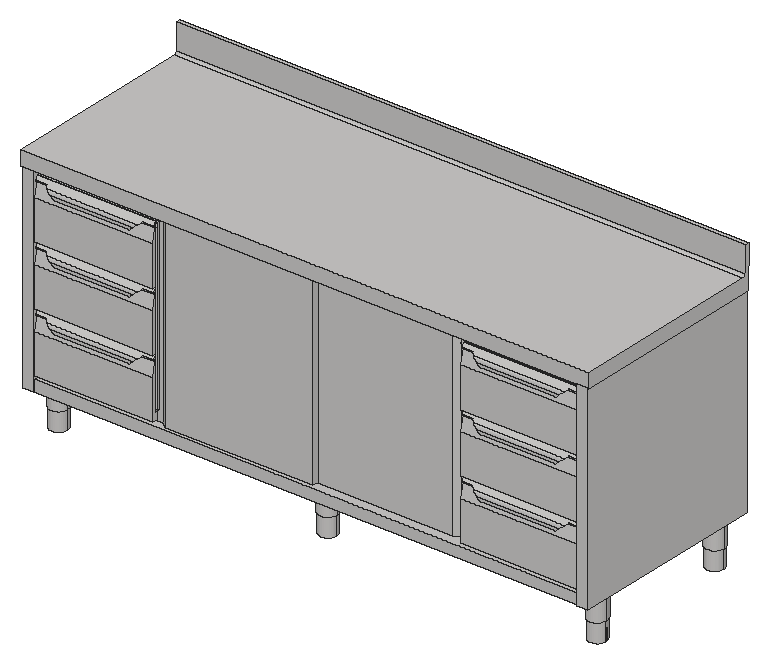
Revit family "QF_ZANUSSI_133173_NTA2010P", category Attrezzature speciali, Revit 2020
Family settings
  Quota connettore circolare = Usa diametro
  Tipo di parte = Normale
  Basato su piano di lavoro = No
  Sempre verticale = Sì
  Taglio con vuoti quando caricato = No
  Condiviso = No
  Punto di calcolo locali = No
Parameters (values of type "Standard")
  Weight = 85.00 kg
  Watts = 0 W
  Volts = 0 V
  URL Manufacturer = "http://www.zanussiprofessional.com"
  URL = "http://www.zanussiprofessional.com"
  Steam Supply Size = 0 mm
  Steam Supply Minimum Pressure = 0.0 Pa
  Steam Supply Maximum Pressure = 0.0 Pa
  Steam Consumption per Hour = 0
  Refrigeration Suction Line Size = 0.0 mm
  Refrigeration Liquid Line Size = 0.0 mm
  Refrigerant Compressor Remote = yes
  Prospetto di default = 0.0 mm
  Phase = 0
  Modello = "NTA2010P"
  Produttore = "Zanussi"
  Length Actual = 2000.0 mm  # constant formula
  Item Number = "133173"
  Hot Water Size = 0 mm
  Height Actual = 1000.0 mm  # constant formula
  HP = "0 HP"
  Gas Size = 0 mm
  Gas KW = 0
  Gas Input Pressure = 0 W
  Direct Waste Size = 0 mm
  Descrizione = "TABLE+SPLBACK 3+3DRAW 2SLID.DOORS 2000MM"
  Depth Actual = 700.0 mm  # constant formula
  Cycle = 0 Hz
  Condensate Return Size = 0 mm
  Compressed Air Volume = 0.0 L/s
  Compressed Air Size = 0 mm
  Compressed Air Pressure = 0.0 Pa
  Cold Water Size = 0 mm
  Accessory = yes
Reference planes
  plane 1 "Center (Front/Back)": y = 0
  plane 2: z = 0
  plane 3 "BACK": y = 350
  plane 4 "FRONT": y = -350
  plane 5 "TOP": z = 900
  plane 6: y = 270
  plane 7: y = -247
  plane 8 "FEET": z = 150
  plane 9: y = -344.5
  plane 10 "BaseTop": z = 850
  plane 11: y = 344.5
  plane 12: z = 1000
  plane 13 "Center (Left/Right)": x = -409
  plane 14 "Right": x = 591
  plane 15 "Left": x = -1409
  plane 16: x = 130
  plane 17: x = -1363
  plane 18: x = 547.5
  plane 19: x = -944.5
  plane 20: x = -942
  plane 21: x = -1365.5
  plane 22: x = -1356
  plane 23: x = -1403.5
  plane 24: x = 585.5
  plane 25: x = 547.5
  plane 26: x = 545
  plane 27: x = -433.5
  plane 28: x = -384.5
  plane 29: x = 538
Forms (mm)
  Extrusion 1, solid, material "QF_Finishes_Stainless Steel"
    sketch origin (-400, 0, 150) x (1, 0, 0) y (0, 1, 0)
      loop
        line (985.5, 350) -> (947.5, 350) -> (947.5, -350) -> (985.5, -350) -> (985.5, 350)
      loop
        line (-965.4, 350) -> (-1003.5, 350) -> (-1003.5, -344.5) -> (-965.4, -344.5) -> (-965.4, 350)
    from 0 to 700
  Extrusion 2, solid, material "QF_Finishes_Stainless Steel"
    sketch origin (-400, 0, 150) x (1, 0, 0) y (0, 1, 0)
      loop
        line (947.5, 347) -> (-965.5, 347) -> (-965.5, -344.5) -> (947.5, -344.5) -> (947.5, 347)
    from 0 to 40
  Extrusion 3, void
    sketch origin (-400, -350, 0) x (1, 0, 0) y (0, 0, -1)
      loop
        line (525.418, -247.973) -> (538, -247.124) -> (538, -191.4) -> (525.418, -191.4) -> (525.418, -247.973)
      loop
        line (512.302, -816.058) -> (512.302, -850) -> (523, -850) -> (523, -816.825) -> (512.302, -816.058)
    from 20.5 to 40.5
  Extrusion 4, solid, material "QF_Finishes_Stainless Steel"
    sketch origin (-400, 0, 150) x (1, 0, 0) y (0, 1, 0)
      loop
        line (-965.5, 350) -> (-965.5, 327) -> (947.5, 327) -> (947.5, 350) -> (-965.5, 350)
    from 700 to 40
  Extrusion 5, solid, material "QF_Finishes_Stainless Steel"
    sketch origin (-406, 0, 0) x (0, 1, 0) y (0, 0, -1)
      loop
        line (-350, -900) -> (327, -900)
        arc (327, -900) -> (334.071, -902.929) -> (337, -910) r 10
        line (337, -910) -> (337, -1000) -> (350, -1000) -> (350, -850) -> (-350, -850) -> (-350, -900)
    from 1003 to -997
  Extrusion 6, solid, material "QF_Finishes_Stainless Steel"
    sketch origin (447, -20, 150) x (-1, 0, 0) y (0, -1, 0)
      loop
        line (831.5, 324.5) -> (831.5, 304.5) -> (1389, 304.5) -> (1389, 319.071) -> (1381.942, 326.129) -> (1380.312, 324.5) -> (1387, 317.812) -> (1387, 309.5) -> (1370.034, 309.5) -> (1350.034, 324.5) -> (831.5, 324.5)
    from 700 to 50
  Extrusion 7, void
    sketch origin (414, -350, 0) x (-1, 0, 0) y (0, 0, 1)
      loop
        line (1346.418, 247.973) -> (1346.418, 191.4) -> (1358.5, 191.4) -> (1358.5, 229.369) -> (1346.418, 247.973)
      loop
        line (1346.418, 816.627) -> (1358.5, 835.231) -> (1358.5, 850) -> (1346.418, 850) -> (1346.418, 816.627)
    from 2.49 to 20.5
  Extrusion 8, solid, material "QF_Finishes_Stainless Steel"
    sketch origin (0, 0, 850) x (-1, 0, 0) y (0, -1, 0)
      loop
        line (-547.5, 304.5) -> (-547.5, 299.5) -> (-130, 299.5) -> (-130, 304.5) -> (-547.5, 304.5)
    from 0 to -2
  Extrusion 9, solid, material "QF_Finishes_Stainless Steel"
    sketch origin (-1266, 0, 150) x (1, 0, 0) y (0, 1, 0)
      loop
        line (831.5, -324.5) -> (1357.034, -324.5) -> (1377.034, -309.5) -> (1394, -309.5) -> (1394, -317.812) -> (1387.312, -324.5) -> (1388.942, -326.129) -> (1396, -319.071) -> (1396, -304.5) -> (831.5, -304.5) -> (831.5, -324.5)
    from 700 to 50
Cuts and joins
  Extrusion 3 cuts Extrusion 1
  Extrusion 3 cuts Extrusion 5
  Extrusion 7 cuts Extrusion 6
  Extrusion 3 cuts Extrusion 9
Lines and regions (mm)
  symbolic lines, style "SpecialityEquipment"
    curve 1: line (-1409, 350, 850) -> (591, 350, 850)
    curve 2: line (-1409, -350, 850) -> (-1409, 350, 850)
    curve 3: line (591, -350, 850) -> (-1409, -350, 850)
    curve 4: line (591, 350, 850) -> (591, -350, 850)
    curve 6: line (-1409, 337, 850) -> (591, 337, 850)
  symbolic lines, style "SpecialityEquipmentHiddenLines"
    curve 5: line (-384.5, -324.5, 200) -> (-384.5, -344.5, 200)
    curve 7: line (130, -304.5, 850) -> (-433.5, -304.5, 850)
    curve 8: line (-433.5, -304.5, 850) -> (-433.5, -324.5, 850)
    curve 9: line (-942, -324.5, 850) -> (91.034, -324.5, 850)
    curve 10: line (91.034, -324.5, 850) -> (111.034, -309.5, 850)
    curve 11: line (111.034, -309.5, 850) -> (130, -309.5, 850)
    curve 12: line (130, -309.5, 850) -> (130, -304.5, 850)
    curve 13: line (-903.034, -344.5, 850) -> (-923.034, -329.5, 850)
    curve 14: line (-923.034, -329.5, 850) -> (-942, -329.5, 850)
    curve 15: line (-942, -329.5, 850) -> (-942, -324.5, 850)
Dimensions and locks
  plane 3 "BACK" to plane 4 "FRONT" = 700.0 mm
  equal spacing: plane 3 "BACK", plane 1 "Center (Front/Back)", plane 4 "FRONT"
  locked: plane 8 "FEET" to level at 150
  locked: plane 3 "BACK" to plane 6 at 80
  locked: plane 7 to plane 4 "FRONT" at 103
  plane 9 to plane 4 "FRONT" = 5.5 mm  (x2)
  plane 3 "BACK" to plane 11 = 5.5 mm
  plane 5 "TOP" to level = 900.0 mm
  locked: plane 12 to level at 1000
  plane 12 to plane 5 "TOP" = 100.0 mm
  plane 20 to plane 19 = 2.5 mm
  locked: plane 16 to plane 20 at 1072
  locked: plane 14 "Right" to plane 15 "Left" at 2000
  locked: plane 23 to plane 15 "Left" at 5.5
  locked: plane 21 to plane 23 at 38
  locked: plane 17 to plane 21 at 2.5
  locked: plane 23 to plane 22 at 47.5
  locked: plane 24 to plane 14 "Right" at 5.5
  locked: plane 25 to plane 24 at 38
  plane 26 to plane 25 = 2.5 mm
  equal spacing: plane 15 "Left", plane 13 "Center (Left/Right)", plane 14 "Right"
  plane 27 to plane 28 = 49.0 mm
  equal spacing: plane 27, plane 13 "Center (Left/Right)", plane 28
  plane 29 to plane 24 = 47.5 mm
  aligned and locked: level to plane 2
  aligned and locked: plane 18 to Extrusion 2
  aligned and locked: nested 4 to nested 2
  aligned and locked: plane 18 to Extrusion 4
  aligned and locked: plane 14 "Right" to Extrusion 5
  aligned and locked: Extrusion 5 to plane 15 "Left"
  aligned and locked: plane 21 to Extrusion 2 sketch curve
  aligned and locked: nested 3 to nested 1
  aligned and locked: nested 2 to plane 22
  aligned and locked: nested 6 to nested 5
  aligned and locked: plane 21 to Extrusion 4
  aligned and locked: nested 7 to plane 17
  aligned and locked: Extrusion 1 sketch curve to plane 24
  aligned and locked: plane 25 to Extrusion 1 sketch curve
  aligned and locked: plane 28 to cut or joined group of Extrusion 6, Extrusion 7
  aligned and locked: curve 8 to plane 27
  aligned and locked: curve 5 to plane 28
  aligned and locked: nested 5 to plane 13 "Center (Left/Right)"
  aligned and locked: nested 1 to plane 29
Automatic sketch dimensions
  curve 5 to plane 9 = 0.0 mm
  plane 9 to curve 5 = 20.0 mm
  Extrusion 1 sketch curve to plane 9 = 0.0 mm
  Extrusion 1 sketch curve to plane 23 = 0.0 mm
  Extrusion 1 sketch curve to plane 3 "BACK" = 0.0 mm  (x2)
  Extrusion 1 sketch curve to plane 4 "FRONT" = 0.0 mm
  plane 21 to Extrusion 1 sketch curve = 0.1 mm
  Extrusion 2 sketch curve to plane 9 = 0.0 mm
  Extrusion 2 sketch curve to plane 18 = 0.0 mm
  plane 11 to Extrusion 2 sketch curve = 2.5 mm
  Extrusion 3 sketch curve to plane 10 "BaseTop" = 0.0 mm
  Extrusion 3 sketch curve to plane 16 = 8.0 mm
  plane 16 to Extrusion 3 sketch curve = 7.0 mm
  Extrusion 3 sketch curve to Extrusion 3 sketch curve = 33.175 mm
  Extrusion 3 sketch curve to Extrusion 3 sketch curve = 0.767 mm
  plane 8 "FEET" to Extrusion 3 sketch curve = 97.973 mm
  Extrusion 3 sketch curve to Extrusion 3 sketch curve = 0.849 mm
  plane 8 "FEET" to Extrusion 3 sketch curve = 41.4 mm
  Extrusion 4 sketch curve to plane 3 "BACK" = 0.0 mm
  Extrusion 4 sketch curve to plane 21 = 0.0 mm
  Extrusion 4 sketch curve to plane 18 = 0.0 mm
  Extrusion 4 sketch curve to plane 11 = 17.5 mm
  Extrusion 5 sketch curve to plane 4 "FRONT" = 0.0 mm
  Extrusion 5 sketch curve to plane 5 "TOP" = 0.0 mm
  Extrusion 5 sketch curve to plane 12 = 0.0 mm
  Extrusion 5 sketch curve to plane 3 "BACK" = 0.0 mm
  Extrusion 5 sketch curve to plane 10 "BaseTop" = 0.0 mm
  plane 11 to Extrusion 5 sketch curve = 17.5 mm
  plane 11 to Extrusion 5 sketch curve = 7.5 mm
  Extrusion 6 sketch curve to plane 28 = 0.0 mm
  Extrusion 6 sketch curve to plane 9 = 0.0 mm  (x2)
  Extrusion 6 sketch curve to plane 20 = 0.0 mm
  Extrusion 6 sketch curve to plane 20 = 38.966 mm
  Extrusion 6 sketch curve to plane 20 = 18.966 mm
  Extrusion 6 sketch curve to plane 20 = 8.688 mm
  Extrusion 6 sketch curve to plane 9 = 1.629 mm
  Extrusion 6 sketch curve to Extrusion 6 sketch curve = 1.629 mm
  Extrusion 6 sketch curve to plane 20 = 2.0 mm
  plane 9 to Extrusion 6 sketch curve = 15.0 mm
  Extrusion 6 sketch curve to Extrusion 6 sketch curve = 5.0 mm
  Extrusion 7 sketch curve to plane 10 "BaseTop" = 0.0 mm
  plane 19 to Extrusion 7 sketch curve = 0.0 mm  (x2)
  Extrusion 7 sketch curve to plane 20 = 9.582 mm  (x2)
  Extrusion 7 sketch curve to Extrusion 7 sketch curve = 14.769 mm
  Extrusion 7 sketch curve to Extrusion 7 sketch curve = 18.604 mm  (x2)
  plane 8 "FEET" to Extrusion 7 sketch curve = 97.973 mm
  Extrusion 7 sketch curve to Extrusion 7 sketch curve = 37.969 mm
  Extrusion 8 sketch curve to plane 16 = 0.0 mm
  plane 18 to Extrusion 8 sketch curve = 0.0 mm
  plane 9 to Extrusion 8 sketch curve = 45.0 mm
  Extrusion 8 sketch curve to Extrusion 8 sketch curve = 5.0 mm
  Extrusion 9 sketch curve to plane 27 = 1.0 mm
  plane 9 to Extrusion 9 sketch curve = 20.0 mm  (x2)
  plane 9 to Extrusion 9 sketch curve = 18.371 mm
  Extrusion 9 sketch curve to Extrusion 9 sketch curve = 1.629 mm
  Extrusion 9 sketch curve to Extrusion 9 sketch curve = 8.312 mm
  plane 9 to Extrusion 9 sketch curve = 40.0 mm
  curve 4 to plane 3 "BACK" = 0.0 mm
  curve 4 to plane 14 "Right" = 0.0 mm
  curve 13 to plane 9 = 0.0 mm
  curve 14 to plane 20 = 0.0 mm
  curve 3 to plane 4 "FRONT" = 0.0 mm
  curve 3 to plane 15 "Left" = 0.0 mm
  curve 11 to curve 11 = 18.966 mm
  curve 10 to curve 9 = 20.0 mm
  curve 13 to curve 14 = 18.966 mm
  plane 9 to curve 7 = 40.0 mm
  curve 7 to curve 11 = 5.0 mm
  plane 9 to curve 9 = 20.0 mm
  curve 9 to curve 15 = 5.0 mm
  curve 13 to curve 13 = 20.0 mm
  curve 6 to plane 11 = 7.5 mm
  curve 11 to plane 16 = 0.0 mm
  Extrusion 3 sketch curve to Extrusion 3 sketch curve = 10.698 mm
  plane 16 to Extrusion 3 sketch curve = 4.582 mm
  Extrusion 9 sketch curve to plane 16 = 0.0 mm
  plane 16 to Extrusion 9 sketch curve = 38.966 mm
  plane 16 to Extrusion 9 sketch curve = 18.966 mm
  plane 16 to Extrusion 9 sketch curve = 8.688 mm
  plane 16 to Extrusion 9 sketch curve = 2.0 mm
Nested families
  nested 1: "FEET_D60-150" at (538, -247, 0) x (-1, 0, 0) z (0, 0, 1), type "FEET_D60-150"
  nested 2: "FEET_D60-150" at (-1356, -247, 0) x (-1, 0, 0) z (0, 0, 1), type "FEET_D60-150"
  nested 3: "FEET_D60-150" at (538, 270, 0) x (-1, 0, 0) z (0, 0, 1), type "FEET_D60-150"
  nested 4: "FEET_D60-150" at (-1356, 270, 0) x (-1, 0, 0) z (0, 0, 1), type "FEET_D60-150"
  nested 5: "FEET_D60-150" at (-409, -247, 0) x (-1, 0, 0) z (0, 0, 1), type "FEET_D60-150"
  nested 6: "FEET_D60-150" at (-409, 270, 0) x (-1, 0, 0) z (0, 0, 1), type "FEET_D60-150"
  nested 7: "H637_600_3DRAWERS" at (-1119.458, -304.5, 152) x (-1, 0, 0) z (0, -1, 0), type "H637_600_3DRAWERS"
    with Show Clearance yes
  nested 8: "H637_600_3DRAWERS" at (307.458, -304.5, 152) x (1, 0, 0) z (0, -1, 0), type "H637_600_3DRAWERS"
    with Show Clearance yes
Definition of nested family "FEET_D60-150"
  Parameters
    Default Elevation = 0.0 mm
    FEET = 150.0 mm
  Reference planes
    plane 1 "Center (Front/Back)": y = 0
    plane 2: z = 0
    plane 3 "Center (Left/Right)": x = 0
    plane 4: z = 150
  Forms (mm)
    Extrusion 1, solid
      sketch origin (0, 0, 0) x (1, 0, 0) y (0, 1, 0)
        loop
          circle (0, 0) r 28
      from 0 to 67
    Revolve 2, solid
      sketch origin (0, 0, 0) x (1, 0, 0) y (0, 0, 1)
        loop
          line (0, 0) -> (0, 150) -> (-32.939, 150) -> (-32.939, 67) -> (-30, 67) -> (-30, 0) -> (0, 0)
        axis (0, 150) -> (0, 0)
      angle from 0 to 360
  Lines and regions (mm)
    symbolic lines
      curve 1: line (0, -1.503, 0) -> (0, 1.508, 0)
      curve 2: line (1.561, 0, 0) -> (-1.439, 0, 0)
  Dimensions and locks
    "FEET": plane 4 to plane 2
    aligned and locked: level to plane 2
  Automatic sketch dimensions
    plane 1 "Center (Front/Back)" to Extrusion 1 sketch curve = 0.0 mm
    Extrusion 1 sketch curve to plane 3 "Center (Left/Right)" = 0.0 mm
    plane 1 "Center (Front/Back)" to curve 2 = 0.0 mm
    curve 1 to plane 3 "Center (Left/Right)" = 0.0 mm
    curve 2 to plane 3 "Center (Left/Right)" = 1.439 mm
    plane 3 "Center (Left/Right)" to curve 2 = 1.561 mm
    plane 1 "Center (Front/Back)" to curve 1 = 1.503 mm
    curve 1 to plane 1 "Center (Front/Back)" = 1.508 mm
    Revolve 2 sketch curve to plane 4 = 0.0 mm
    Revolve 2 sketch curve to level = 0.0 mm
    Revolve 2 sketch curve to plane 3 "Center (Left/Right)" = 0.0 mm  (x2)
    Revolve 2 sketch curve to plane 3 "Center (Left/Right)" = 30.0 mm
    Revolve 2 sketch curve to plane 3 "Center (Left/Right)" = 32.939 mm
    level to Revolve 2 sketch curve = 67.0 mm
    Revolve 2 sketch curve to level = 42.207 mm
    Revolve 2 sketch curve to Revolve 2 sketch curve = 10.0 mm
    radius of Extrusion 1 sketch curve = 28.0 mm
Definition of nested family "H637_600_3DRAWERS"
  Parameters
    Width = 419.0 mm
    Show Clearance [instance] = yes
    Model = "727995"
    Height = 700.0 mm
    Default Elevation = 0.0 mm
  Reference planes
    plane 1 "Center (Front/Back)": y = 0
    plane 2: z = 0
    plane 3 "Center (Left/Right)": x = 36.042
    plane 4 "panel": z = 25
    plane 5 "Left": x = -173.458
    plane 6 "Right": x = 245.542
    plane 7: y = 700
    plane 8: z = 45
    plane 9: x = 243.542
    plane 10: x = -171.458
    plane 11: y = 676
    plane 12: y = 38
    plane 13: z = 499.734
    plane 14: y = 470
    plane 15: y = 465
    plane 16: y = 259
    plane 17: y = 254
    plane 18: y = 48
  Forms (mm)
    Extrusion 1, solid
      sketch origin (0, -919.2, 0) x (1, 0, 0) y (0, 1, 0)
        loop
          line (-980.5, 2119.2) -> (-980.5, -162.846) -> (881.94, -162.846) -> (881.94, 2119.2) -> (-980.5, 2119.2)
      from 0 to -59.546
    Extrusion 2, solid
      sketch origin (36.042, -645.693, 0) x (0, 1, 0) y (0, 0, 1)
        loop
          line (856.63, 49.734) -> (856.63, 47.734) -> (866.98, 47.734)
          arc (866.98, 47.734) -> (873.586, 46.42) -> (879.186, 42.679) r 17.261
          line (879.186, 42.679) -> (896.019, 25.845) -> (899.693, 25) -> (880.6, 44.093)
          arc (880.6, 44.093) -> (874.351, 48.268) -> (866.98, 49.734) r 19.261
          line (866.98, 49.734) -> (856.63, 49.734)
      from -207.5 to 207.5
    Extrusion 3, solid, detail levels coarse
      sketch origin (0, 0, 0) x (1, 0, 0) y (0, 0, 1)
        loop
          line (-171.458, 40) -> (243.542, 40) -> (243.542, 499.734) -> (-171.458, 499.734) -> (-171.458, 40)
      from -48 to -254
    Extrusion 4, solid
      sketch origin (36.042, -616, 0) x (0, 1, 0) y (0, 0, 1)
        loop
          line (664.4, 40) -> (664.4, 0) -> (870, 0) -> (870, 25) -> (804.797, 40) -> (664.4, 40)
      from 207.5 to -207.5
    Extrusion 5, void
      sketch origin (0, 0, 0) x (1, 0, 0) y (0, 1, 0)
        loop
          line (-99.744, 213.799) -> (-133.705, 243.322) -> (-166.458, 243.322)
          arc (-166.458, 243.322) -> (-169.994, 244.786) -> (-171.458, 248.322) r 5
          line (-171.458, 248.322) -> (-171.458, 210.937) -> (-91.403, 210.937)
          arc (-91.403, 210.937) -> (-95.762, 211.819) -> (-99.744, 213.799) r 17.035
      from 36.678 to 53.74
    Extrusion 6, void
      sketch origin (72.084, 0, 0) x (-1, 0, 0) y (0, -1, 0)
        loop
          arc (-99.744, -213.799) -> (-95.762, -211.819) -> (-91.403, -210.937) r 17.035
          line (-91.403, -210.937) -> (-171.458, -210.937) -> (-171.458, -248.322)
          arc (-171.458, -248.322) -> (-169.994, -244.786) -> (-166.458, -243.322) r 5
          line (-166.458, -243.322) -> (-133.705, -243.322) -> (-99.744, -213.799)
      from 36.678 to 53.74
    Extrusion 7, solid
      sketch origin (36.042, -434.693, 0) x (0, 1, 0) y (0, 0, 1)
        loop
          line (856.63, 49.734) -> (856.63, 47.734) -> (866.98, 47.734)
          arc (866.98, 47.734) -> (873.586, 46.42) -> (879.186, 42.679) r 17.261
          line (879.186, 42.679) -> (896.019, 25.845) -> (899.693, 25) -> (880.6, 44.093)
          arc (880.6, 44.093) -> (874.351, 48.268) -> (866.98, 49.734) r 19.261
          line (866.98, 49.734) -> (856.63, 49.734)
      from -207.5 to 207.5
    Extrusion 8, solid
      sketch origin (36.042, -405, 0) x (0, 1, 0) y (0, 0, 1)
        loop
          line (664, 40) -> (664, 0) -> (870, 0) -> (870, 25) -> (804.797, 40) -> (664, 40)
      from 207.5 to -207.5
    Extrusion 9, void
      sketch origin (0, 211, 0) x (1, 0, 0) y (0, 1, 0)
        loop
          line (-99.744, 213.799) -> (-133.705, 243.322) -> (-166.458, 243.322)
          arc (-166.458, 243.322) -> (-169.994, 244.786) -> (-171.458, 248.322) r 5
          line (-171.458, 248.322) -> (-171.458, 210.937) -> (-91.403, 210.937)
          arc (-91.403, 210.937) -> (-95.762, 211.819) -> (-99.744, 213.799) r 17.035
      from 36.678 to 53.74
    Extrusion 10, void
      sketch origin (72.084, 211, 0) x (-1, 0, 0) y (0, -1, 0)
        loop
          arc (-99.744, -213.799) -> (-95.762, -211.819) -> (-91.403, -210.937) r 17.035
          line (-91.403, -210.937) -> (-171.458, -210.937) -> (-171.458, -248.322)
          arc (-171.458, -248.322) -> (-169.994, -244.786) -> (-166.458, -243.322) r 5
          line (-166.458, -243.322) -> (-133.705, -243.322) -> (-99.744, -213.799)
      from 36.678 to 53.74
    Extrusion 11, solid
      sketch origin (36.042, -223.693, 0) x (0, 1, 0) y (0, 0, 1)
        loop
          line (856.63, 49.734) -> (856.63, 47.734) -> (866.98, 47.734)
          arc (866.98, 47.734) -> (873.586, 46.42) -> (879.186, 42.679) r 17.261
          line (879.186, 42.679) -> (896.019, 25.845) -> (899.693, 25) -> (880.6, 44.093)
          arc (880.6, 44.093) -> (874.351, 48.268) -> (866.98, 49.734) r 19.261
          line (866.98, 49.734) -> (856.63, 49.734)
      from -207.5 to 207.5
    Extrusion 12, solid
      sketch origin (36.042, -194, 0) x (0, 1, 0) y (0, 0, 1)
        loop
          line (664, 40) -> (664, 0) -> (870, 0) -> (870, 25) -> (804.797, 40) -> (664, 40)
      from 207.5 to -207.5
    Extrusion 13, void
      sketch origin (0, 422, 0) x (1, 0, 0) y (0, 1, 0)
        loop
          line (-99.744, 213.799) -> (-133.705, 243.322) -> (-166.458, 243.322)
          arc (-166.458, 243.322) -> (-169.994, 244.786) -> (-171.458, 248.322) r 5
          line (-171.458, 248.322) -> (-171.458, 210.937) -> (-91.403, 210.937)
          arc (-91.403, 210.937) -> (-95.762, 211.819) -> (-99.744, 213.799) r 17.035
      from 36.678 to 53.74
    Extrusion 14, void
      sketch origin (72.084, 422, 0) x (-1, 0, 0) y (0, -1, 0)
        loop
          arc (-99.744, -213.799) -> (-95.762, -211.819) -> (-91.403, -210.937) r 17.035
          line (-91.403, -210.937) -> (-171.458, -210.937) -> (-171.458, -248.322)
          arc (-171.458, -248.322) -> (-169.994, -244.786) -> (-166.458, -243.322) r 5
          line (-166.458, -243.322) -> (-133.705, -243.322) -> (-99.744, -213.799)
      from 36.678 to 53.74
    Extrusion 15, solid, detail levels coarse
      sketch origin (0, 0, 0) x (1, 0, 0) y (0, 0, 1)
        loop
          line (-171.458, 40) -> (243.542, 40) -> (243.542, 499.734) -> (-171.458, 499.734) -> (-171.458, 40)
      from -259 to -465
    Extrusion 16, solid, detail levels coarse
      sketch origin (0, 0, 0) x (1, 0, 0) y (0, 0, 1)
        loop
          line (-171.458, 40) -> (243.542, 40) -> (243.542, 499.734) -> (-171.458, 499.734) -> (-171.458, 40)
      from -470 to -676
  Cuts and joins
    Extrusion 5, Extrusion 6, Extrusion 9, Extrusion 10 cuts Extrusion 2
    Extrusion 5 cuts Extrusion 4
    Extrusion 9, Extrusion 10, Extrusion 13, Extrusion 14 cuts Extrusion 7
    Extrusion 13, Extrusion 14 cuts Extrusion 11
  Lines and regions (mm)
    symbolic lines
      curve 1: line (243.542, 0, 179.734) -> (243.542, 0, 199.734)
      curve 2: line (212.235, 0, 49.734) -> (-171.458, 0, 49.734)
      curve 3: spline (231.959, 0, 44.389) -> (230.421, 0, 45.265) -> (228.856, 0, 46.066) -> (227.265, 0, 46.791) -> (225.651, 0, 47.437) -> (224.017, 0, 48.005) -> (222.365, 0, 48.493) -> (220.698, 0, 48.9) -> (219.019, 0, 49.226) -> (217.331, 0, 49.471) -> (215.636, 0, 49.633) -> (213.936, 0, 49.712) -> (212.236, 0, 49.71)
      curve 4: line (238.456, 0, 40) -> (231.959, 0, 44.389)
      curve 5: line (243.542, 0, 500) -> (-171.458, 0, 500)
      curve 6: line (243.542, 0, 349.734) -> (-171.458, 0, 349.734)
      curve 7: line (243.542, 0, 199.734) -> (-171.458, 0, 199.734)
      curve 8: line (243.542, 0, 480) -> (-171.458, 0, 480)
      curve 9: line (243.542, 0, 329.734) -> (-171.458, 0, 329.734)
      curve 10: line (243.542, 0, 179.734) -> (-171.458, 0, 179.734)
      curve 11: line (-156.458, 0, 49.734) -> (-156.458, 0, 179.734)
      curve 12: line (-156.458, 0, 349.734) -> (-156.458, 0, 480)
      curve 13: line (-156.458, 0, 199.734) -> (-156.458, 0, 329.734)
      curve 14: line (228.542, 0, 49.734) -> (228.542, 0, 179.734)
      curve 15: line (228.542, 0, 349.734) -> (228.542, 0, 480)
      curve 16: line (228.542, 0, 199.734) -> (228.542, 0, 329.734)
      curve 17: line (243.542, 0, 480) -> (243.542, 0, 500)
      curve 18: line (243.542, 0, 329.734) -> (243.542, 0, 349.734)
      curve 19: line (-171.458, 0, 179.734) -> (-171.458, 0, 199.734)
      curve 20: line (-171.458, 0, 480) -> (-171.458, 0, 500)
      curve 21: line (-171.458, 0, 329.734) -> (-171.458, 0, 349.734)
  Dimensions and locks
    plane 4 "panel" to level = 25.0 mm
    "Width": plane 5 "Left" to plane 6 "Right"
    equal spacing: plane 5 "Left", plane 3 "Center (Left/Right)", plane 6 "Right"
    "Height": plane 1 "Center (Front/Back)" to plane 7
    plane 9 to plane 6 "Right" = 2.0 mm
    plane 5 "Left" to plane 10 = 2.0 mm
    plane 7 to plane 11 = 24.0 mm
    plane 1 "Center (Front/Back)" to plane 12 = 38.0 mm
    plane 10 to plane 9 = 415.0 mm
    plane 11 to plane 14 = 206.0 mm
    locked: plane 14 to plane 15 at 5
    plane 15 to plane 16 = 206.0 mm
    locked: plane 16 to plane 17 at 5
    plane 17 to plane 18 = 206.0 mm  (x2)
    plane 16 to plane 17 = 5.0 mm
    plane 14 to plane 15 = 5.0 mm
    plane 16 to plane 15 = 206.0 mm
    plane 14 to plane 11 = 206.0 mm
    aligned and locked: plane 2 to Extrusion 1
    aligned and locked: level to Extrusion 1
    aligned and locked: plane 9 to Extrusion 4
    aligned and locked: plane 10 to Extrusion 4
  Automatic sketch dimensions
    Extrusion 1 sketch curve to Extrusion 1 sketch curve = 1862.44 mm
    Extrusion 1 sketch curve to Extrusion 1 sketch curve = 2282.046 mm
    Extrusion 2 sketch curve to Extrusion 2 sketch curve = 0.0 mm  (x2)
    Extrusion 2 sketch curve to plane 4 "panel" = 0.0 mm
    Extrusion 2 sketch curve to plane 17 = 0.0 mm
    plane 4 "panel" to Extrusion 2 sketch curve = 0.845 mm
    Extrusion 2 sketch curve to plane 17 = 3.674 mm
    Extrusion 2 sketch curve to plane 8 = 0.907 mm
    Extrusion 2 sketch curve to plane 17 = 19.093 mm
    Extrusion 2 sketch curve to plane 8 = 2.321 mm
    Extrusion 2 sketch curve to Extrusion 2 sketch curve = 1.414 mm
    plane 4 "panel" to Extrusion 2 sketch curve = 5.474 mm
    Extrusion 2 sketch curve to Extrusion 2 sketch curve = 12.205 mm
    Extrusion 2 sketch curve to Extrusion 2 sketch curve = 10.351 mm
    Extrusion 4 sketch curve to level = 0.0 mm
    Extrusion 4 sketch curve to plane 4 "panel" = 0.0 mm
    Extrusion 4 sketch curve to plane 17 = 0.0 mm
    Extrusion 4 sketch curve to plane 8 = 5.0 mm
    Extrusion 4 sketch curve to plane 17 = 65.203 mm
    plane 18 to Extrusion 4 sketch curve = 0.4 mm
    Extrusion 7 sketch curve to Extrusion 7 sketch curve = 0.0 mm  (x2)
    Extrusion 7 sketch curve to plane 4 "panel" = 0.0 mm
    Extrusion 7 sketch curve to plane 15 = 0.0 mm
    plane 4 "panel" to Extrusion 7 sketch curve = 0.845 mm
    Extrusion 7 sketch curve to plane 15 = 3.674 mm
    Extrusion 7 sketch curve to plane 8 = 0.907 mm
    Extrusion 7 sketch curve to plane 15 = 19.093 mm
    Extrusion 7 sketch curve to plane 8 = 2.321 mm
    Extrusion 7 sketch curve to Extrusion 7 sketch curve = 1.414 mm
    plane 4 "panel" to Extrusion 7 sketch curve = 5.474 mm
    Extrusion 7 sketch curve to Extrusion 7 sketch curve = 12.205 mm
    Extrusion 7 sketch curve to Extrusion 7 sketch curve = 10.351 mm
    Extrusion 8 sketch curve to plane 16 = 0.0 mm
    Extrusion 8 sketch curve to plane 4 "panel" = 0.0 mm
    Extrusion 8 sketch curve to plane 15 = 0.0 mm
    Extrusion 8 sketch curve to level = 0.0 mm
    Extrusion 8 sketch curve to plane 8 = 5.0 mm
    Extrusion 8 sketch curve to plane 15 = 65.203 mm
    Extrusion 11 sketch curve to Extrusion 11 sketch curve = 0.0 mm  (x2)
    Extrusion 11 sketch curve to plane 4 "panel" = 0.0 mm
    Extrusion 11 sketch curve to plane 11 = 0.0 mm
    plane 4 "panel" to Extrusion 11 sketch curve = 0.845 mm
    Extrusion 11 sketch curve to plane 11 = 3.674 mm
    Extrusion 11 sketch curve to plane 8 = 0.907 mm
    Extrusion 11 sketch curve to plane 11 = 19.093 mm
    Extrusion 11 sketch curve to plane 8 = 2.321 mm
    Extrusion 11 sketch curve to Extrusion 11 sketch curve = 1.414 mm
    plane 4 "panel" to Extrusion 11 sketch curve = 5.474 mm
    Extrusion 11 sketch curve to Extrusion 11 sketch curve = 12.205 mm
    Extrusion 11 sketch curve to Extrusion 11 sketch curve = 10.351 mm
    Extrusion 12 sketch curve to plane 14 = 0.0 mm
    Extrusion 12 sketch curve to plane 4 "panel" = 0.0 mm
    Extrusion 12 sketch curve to plane 11 = 0.0 mm
    Extrusion 12 sketch curve to level = 0.0 mm
    Extrusion 12 sketch curve to plane 8 = 5.0 mm
    Extrusion 12 sketch curve to plane 11 = 65.203 mm
    plane 10 to curve 21 = 0.0 mm
    plane 10 to curve 20 = 0.0 mm
    plane 10 to curve 2 = 0.0 mm
    plane 10 to curve 19 = 0.0 mm
    curve 6 to plane 9 = 0.0 mm
    curve 7 to plane 9 = 0.0 mm
    curve 17 to plane 9 = 0.0 mm
    curve 4 to plane 8 = 0.611 mm
    curve 4 to plane 9 = 11.583 mm
    plane 8 to curve 19 = 134.734 mm
    curve 19 to curve 19 = 20.0 mm
    curve 1 to curve 18 = 130.0 mm
    curve 9 to curve 18 = 20.0 mm
    plane 13 to curve 17 = 19.734 mm
    curve 20 to plane 13 = 0.266 mm
    plane 8 to curve 11 = 4.734 mm
    curve 11 to plane 10 = 15.0 mm
    curve 21 to curve 12 = 15.0 mm
    curve 19 to curve 13 = 15.0 mm
    curve 2 to curve 3 = 19.723 mm
    curve 2 to curve 3 = 0.0 mm
    curve 3 to level = 1.281 mm
    curve 3 to plane 6 "Right" = 32.398 mm
    curve 15 to curve 6 = 15.0 mm
    curve 14 to curve 1 = 15.0 mm
    curve 16 to curve 1 = 15.0 mm
    curve 4 to plane 9 = 5.086 mm
    curve 4 to plane 8 = 5.0 mm
    curve 3 to curve 2 = 0.025 mm
    plane 8 to curve 14 = 4.734 mm
    plane 10 to Extrusion 3 sketch curve = 0.0 mm
    Extrusion 3 sketch curve to plane 9 = 0.0 mm
    Extrusion 3 sketch curve to plane 13 = 0.0 mm
    Extrusion 3 sketch curve to plane 8 = 5.0 mm
    Extrusion 5 sketch curve to plane 10 = 0.0 mm
    Extrusion 5 sketch curve to plane 10 = 5.0 mm
    Extrusion 5 sketch curve to plane 17 = 10.678 mm
    Extrusion 5 sketch curve to Extrusion 5 sketch curve = 32.753 mm
    Extrusion 5 sketch curve to Extrusion 5 sketch curve = 33.961 mm
    Extrusion 5 sketch curve to Extrusion 5 sketch curve = 8.34 mm
    Extrusion 5 sketch curve to Extrusion 5 sketch curve = 9.511 mm
    Extrusion 5 sketch curve to plane 17 = 26.068 mm
    Extrusion 5 sketch curve to Extrusion 5 sketch curve = 14.132 mm
    Extrusion 6 sketch curve to plane 9 = 0.0 mm
    plane 9 to Extrusion 6 sketch curve = 5.0 mm
    plane 17 to Extrusion 6 sketch curve = 10.678 mm
    Extrusion 6 sketch curve to Extrusion 6 sketch curve = 32.753 mm
    Extrusion 6 sketch curve to Extrusion 6 sketch curve = 33.961 mm
    Extrusion 6 sketch curve to Extrusion 6 sketch curve = 8.34 mm
    Extrusion 6 sketch curve to Extrusion 6 sketch curve = 1.171 mm
    plane 17 to Extrusion 6 sketch curve = 26.068 mm
    Extrusion 6 sketch curve to Extrusion 6 sketch curve = 14.132 mm
    Extrusion 9 sketch curve to plane 10 = 0.0 mm
    Extrusion 9 sketch curve to plane 10 = 5.0 mm
    Extrusion 9 sketch curve to plane 15 = 10.678 mm
    Extrusion 9 sketch curve to Extrusion 9 sketch curve = 32.753 mm
    Extrusion 9 sketch curve to Extrusion 9 sketch curve = 33.961 mm
    Extrusion 9 sketch curve to Extrusion 9 sketch curve = 8.34 mm
    Extrusion 9 sketch curve to Extrusion 9 sketch curve = 9.511 mm
    Extrusion 9 sketch curve to plane 15 = 26.068 mm
    Extrusion 9 sketch curve to Extrusion 9 sketch curve = 14.132 mm
    Extrusion 10 sketch curve to plane 9 = 0.0 mm
    plane 9 to Extrusion 10 sketch curve = 5.0 mm
    plane 15 to Extrusion 10 sketch curve = 10.678 mm
    Extrusion 10 sketch curve to Extrusion 10 sketch curve = 32.753 mm
    Extrusion 10 sketch curve to Extrusion 10 sketch curve = 33.961 mm
    Extrusion 10 sketch curve to Extrusion 10 sketch curve = 8.34 mm
    Extrusion 10 sketch curve to Extrusion 10 sketch curve = 1.171 mm
    plane 15 to Extrusion 10 sketch curve = 26.068 mm
    Extrusion 10 sketch curve to Extrusion 10 sketch curve = 14.132 mm
    Extrusion 13 sketch curve to plane 10 = 0.0 mm
    Extrusion 13 sketch curve to plane 10 = 5.0 mm
    Extrusion 13 sketch curve to plane 11 = 10.678 mm
    Extrusion 13 sketch curve to Extrusion 13 sketch curve = 32.753 mm
    Extrusion 13 sketch curve to Extrusion 13 sketch curve = 33.961 mm
    Extrusion 13 sketch curve to Extrusion 13 sketch curve = 8.34 mm
    Extrusion 13 sketch curve to Extrusion 13 sketch curve = 9.511 mm
    Extrusion 13 sketch curve to plane 11 = 26.068 mm
    Extrusion 13 sketch curve to Extrusion 13 sketch curve = 14.132 mm
    Extrusion 14 sketch curve to plane 9 = 0.0 mm
    plane 9 to Extrusion 14 sketch curve = 5.0 mm
    plane 11 to Extrusion 14 sketch curve = 10.678 mm
    Extrusion 14 sketch curve to Extrusion 14 sketch curve = 32.753 mm
    Extrusion 14 sketch curve to Extrusion 14 sketch curve = 33.961 mm
    Extrusion 14 sketch curve to Extrusion 14 sketch curve = 8.34 mm
    Extrusion 14 sketch curve to Extrusion 14 sketch curve = 1.171 mm
    plane 11 to Extrusion 14 sketch curve = 26.068 mm
    Extrusion 14 sketch curve to Extrusion 14 sketch curve = 14.132 mm
    plane 10 to Extrusion 15 sketch curve = 0.0 mm
    Extrusion 15 sketch curve to plane 9 = 0.0 mm
    Extrusion 15 sketch curve to plane 8 = 5.0 mm
    plane 13 to Extrusion 15 sketch curve = 0.0 mm
    plane 10 to Extrusion 16 sketch curve = 0.0 mm
    Extrusion 16 sketch curve to plane 9 = 0.0 mm
    Extrusion 16 sketch curve to plane 8 = 5.0 mm
    plane 8 to Extrusion 16 sketch curve = 454.734 mm
